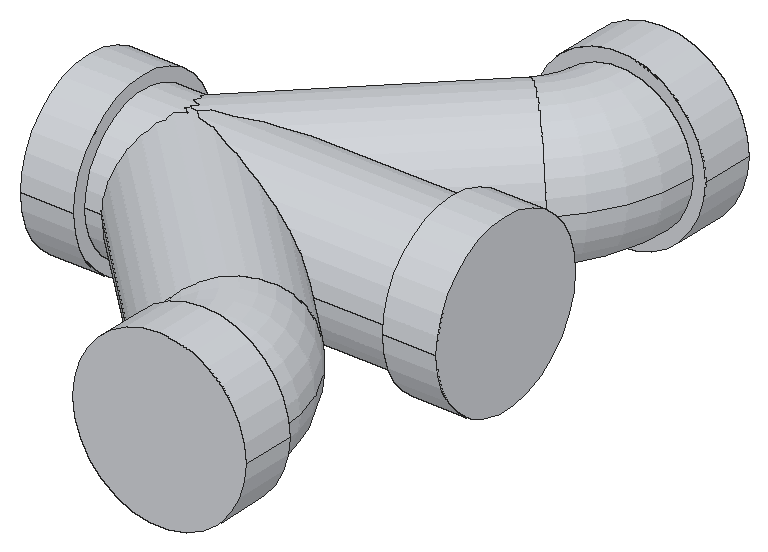
Revit family "96e35cd5d35148f680adb308ada61ad9", category Pipe Fittings, Revit 2021
Family settings
  Round Connector Dimension = Use Radius
  Part Type = Cross
  OmniClass Number = 23.60.30.11.14
  OmniClass Title = Pipework Fittings
  Seek Item ID = Wye Combination with 8th Bend Double - PVC - Sch 40 - DWV-0000-USA-ENU
  Work Plane-Based = No
  Always vertical = Yes
  Cut with Voids When Loaded = No
  Shared = No
Parameters (values of type "Standard")
  Wall Thickness 2 [instance] = size_lookup(Lookup Table Name, "WThk", 0.02 * Nominal Diameter 2 + 33/256", Nominal Diameter 2)  # 0.156"
  Wall Thickness 1 [instance] = size_lookup(Lookup Table Name, "WThk", 0.02 * Nominal Diameter 1 + 33/256", Nominal Diameter 1)  # 0.156"
  Tick Size 2 [instance] = Fitting Outside Diameter 2 * 0.4  # 0.76"
  Tick Size 1 [instance] = Fitting Outside Diameter 1 * 0.4  # 0.76"
  Socket Outside Radius 2 [instance] = Socket Outside Diameter 2 / 2  # 1.1135"
  Socket Outside Radius 1 [instance] = Socket Outside Diameter 1 / 2  # 1.1135"
  Socket Outside Diameter 2 [instance] = Socket Entrance Diameter 2 + Wall Thickness 2 * 2  # 2.227"
  Socket Outside Diameter 1 [instance] = Socket Entrance Diameter 1 + Wall Thickness 1 * 2  # 2.227"
  Socket Entrance Diameter 2 [instance] = size_lookup(Lookup Table Name, "SED", 1.04 * Nominal Diameter 2 + 95/256", Nominal Diameter 2)  # 1.915"
  Socket Entrance Diameter 1 [instance] = size_lookup(Lookup Table Name, "SED", 1.04 * Nominal Diameter 1 + 95/256", Nominal Diameter 1)  # 1.915"
  Socket Depth 2 [instance] = size_lookup(Lookup Table Name, "SDpt", 0.5 * Nominal Diameter 2, Nominal Diameter 2)  # 0.687"
  Socket Depth 1 [instance] = size_lookup(Lookup Table Name, "SDpt", 0.5 * Nominal Diameter 1, Nominal Diameter 1)  # 0.687"
  Socket Bottom to Socket Bottom Run [instance] = size_lookup(Lookup Table Name, "SBtSBR", 1 7/64" + 0.25 * Nominal Diameter 1 + 1.7 * Nominal Diameter 2, Nominal Diameter 1, Nominal Diameter 2)  # 3.953"
  Nominal Radius 2 [instance] = 3/4"
  Nominal Radius 1 [instance] = 3/4"
  Nominal Diameter 2 [instance] = Nominal Radius 2 * 2  # 1 1/2"
  Nominal Diameter 1 [instance] = Nominal Radius 1 * 2  # 1 1/2"
  Loss Method = Not Defined
  Lookup Table Name = "Wye Combination with 8th Bend Double - PVC - Sch 40 - DWV"
  Length 1 [instance] = 180"  # constant formula
  Insertion Point 2 X [instance] = Center to Socket Bottom Branch * tan(90.00° - Angle 2) + Length 1  # 180"
  Insertion Point 1 X [instance] = Center to Socket Bottom Branch * tan(90.00° - Angle 1) + Length 1  # 180"
  Fitting Outside Radius 2 [instance] = Fitting Outside Diameter 2 / 2  # 0.95"
  Fitting Outside Radius 1 [instance] = Fitting Outside Diameter 1 / 2  # 0.95"
  Fitting Outside Diameter 2 [instance] = size_lookup(Lookup Table Name, "FOD", 1.04 * Nominal Diameter 2 + 23/64", Nominal Diameter 2)  # 1.9"
  Fitting Outside Diameter 1 [instance] = size_lookup(Lookup Table Name, "FOD", 1.04 * Nominal Diameter 1 + 23/64", Nominal Diameter 1)  # 1.9"
  Default Elevation = 0' - 0"
  Center to Socket Bottom Run [instance] = size_lookup(Lookup Table Name, "CtSBR", -9/64" + 0.99 * Nominal Diameter 1 + 1.26 * Nominal Diameter 2, Nominal Diameter 1, Nominal Diameter 2)  # 3.422"
  Center to Socket Bottom Branch [instance] = size_lookup(Lookup Table Name, "CtSBB", 51/128" + 1.51 * Nominal Diameter 1 + 0.51 * Nominal Diameter 2, Nominal Diameter 1, Nominal Diameter 2)  # 3.328"
  Center Radius [instance] = Socket Outside Radius 2 + 1/8"  # 1.2385"
  Center Point 2 Y [instance] = if(Angle 2 < 90.00°, Length 1 - Center Radius * sin(abs(90.00° - Angle 2)), if(Angle 2 = 90.00°, Length 1, Length 1 + Center Radius * sin(abs(90.00° - Angle 2))))  # 180"
  Center Point 2 X [instance] = Center Radius * cos(abs(90.00° - Angle 2))  # 1.2385"
  Center Point 1 Y [instance] = if(Angle 1 < 90.00°, Length 1 - Center Radius * sin(abs(90.00° - Angle 1)), if(Angle 1 = 90.00°, Length 1, Length 1 + Center Radius * sin(abs(90.00° - Angle 1))))  # 180"
  Center Point 1 X [instance] = Center Radius * cos(abs(90.00° - Angle 1))  # 1.2385"
  Branch Socket End Point 2 Y [instance] = Socket Depth 2 * sin(Angle 2)  # 0.687"
  Branch Socket End Point 2 X [instance] = Length 1 - Socket Depth 2 * cos(Angle 2)  # 180"
  Branch Length 2 Label [instance] = if(Branch Length 2 > 0", Branch Length 2, Socket Outside Radius 1 * 0.5)  # 3.468"
  Branch Length 2 [instance] = (Center to Socket Bottom Branch - Arc End Point 2 Y) / sin(45.00°)  # 3.468"
  Branch Length 1 Label [instance] = if(Branch Length 1 > 0", Branch Length 1, Socket Outside Radius 1 * 0.5)  # 3.468"
  Branch Socket End Point 1 Y [instance] = Socket Depth 2 * sin(Angle 1)  # 0.687"
  Branch Socket End Point 1 X [instance] = Length 1 - Socket Depth 2 * cos(Angle 1)  # 180"
  Branch Length 1 [instance] = (Center to Socket Bottom Branch - Arc End Point 1 Y) / sin(45.00°)  # 3.468"
  Arc End Point 2 Y [instance] = Center Radius * sin(45.00°) - Center Radius * sin(90.00° - Angle 2)  # 0.87575"
  Arc End Point 2 X [instance] = Center Radius * cos(90.00° - Angle 2) - Center Radius * cos(45.00°)  # 0.36275"
  Arc End Point 1 Y [instance] = Center Radius * sin(45.00°) - Center Radius * sin(90.00° - Angle 1)  # 0.87575"
  Arc End Point 1 X [instance] = Center Radius * cos(90.00° - Angle 1) - Center Radius * cos(45.00°)  # 0.36275"
  Angle 2 1 [instance] = if(Angle 2 < 90.00°, 90.00° / 2 - (90.00° - Angle 2), 90.00° / 2 + (Angle 2 - 90.00°))  # 45.00°
  Angle 1 1 [instance] = if(Angle 1 < 90.00°, 90.00° / 2 - (90.00° - Angle 1), 90.00° / 2 + (Angle 1 - 90.00°))  # 45.00°
  Angle 2 [instance] = 90.00°
  Angle 1 [instance] = 90.00°
Reference planes (in)
  plane 1 "Center (Front/Back)": y = 0
  plane 2: z = 0
  plane 3 "Center (Left/Right)": x = 0
  plane 4: y = -3.328
  plane 5: x = -3.422
  plane 6: x = 0.531
  plane 7: x = -4.109
  plane 8: x = 1.218
  plane 9: x = 0
  plane 10: y = -183.328
  plane 11: x = -1.2385
  plane 12: y = -3.328
  plane 13: y = -2.45225
  plane 14: x = -0.36275
  plane 15: x = 0
  plane 16: x = 180
  plane 17: y = -4.015
  plane 18: x = 0
  plane 19: y = 0.76
  plane 20: y = -0.76
  plane 21: y = 3.328
  plane 22: y = 3.328
  plane 23: y = 183.328
  plane 24: x = -1.2385
  plane 25: y = 2.45225
  plane 26: x = -0.36275
  plane 27: y = 4.015
  plane 28: x = 0
  plane 29: x = 0
  plane 30: x = 0
Forms (in)
  Sweep 1, solid, detail levels fine
    path in 3D
      loop
        line (-3.422, 0, 0) -> (0.531, 0, 0)
    profile origin (-1.4455, 0, 0) x (0, 1, 0) y (0, 0, 1)
      loop
        circle (0, 0) r 0.95
  Sweep 2, solid, detail levels fine
    path in 3D
      loop
        arc (0, -3.328, 0) -> (-0.09428, -2.85405, 0) -> (-0.36275, -2.45225, 0) r 1.2385
        line (-0.36275, -2.45225, 0) -> (-2.815, 0, 0)
    profile origin (-1.58887, -1.22612, 0) x (-0.707107, -0.707107, 0) y (0, 0, 1)
      loop
        circle (0, 0) r 0.95
  Sweep 3, solid, detail levels fine
    path in 3D
      loop
        line (-4.109, 0, 0) -> (-3.422, 0, 0)
    profile origin (-3.7655, 0, 0) x (0, 1, 0) y (0, 0, 1)
      loop
        circle (0, 0) r 1.1135
  Sweep 4, solid, detail levels fine
    path in 3D
      loop
        line (0.531, 0, 0) -> (1.218, 0, 0)
    profile origin (0.8745, 0, 0) x (0, 1, 0) y (0, 0, 1)
      loop
        circle (0, 0) r 1.1135
  Sweep 5, solid, detail levels fine
    path in 3D
      loop
        line (0, -3.328, 0) -> (0, -4.015, 0)
    profile origin (0, -3.6715, 0) x (1, 0, 0) y (0, 0, 1)
      loop
        circle (0, 0) r 1.1135
  Sweep 6, solid, detail levels fine
    path in 3D
      loop
        arc (0, 3.328, 0) -> (-0.09428, 2.85405, 0) -> (-0.36275, 2.45225, 0) r 1.2385
        line (-0.36275, 2.45225, 0) -> (-2.815, 0, 0)
    profile origin (-1.58887, 1.22612, 0) x (0.707107, -0.707107, 0) y (0, 0, 1)
      loop
        circle (0, 0) r 0.95
  Sweep 7, solid, detail levels fine
    path in 3D
      loop
        line (0, 3.328, 0) -> (0, 4.015, 0)
    profile origin (0, 3.6715, 0) x (-1, 0, 0) y (0, 0, 1)
      loop
        circle (0, 0) r 1.1135
Cuts and joins
  joined: Sweep 1, Sweep 3, Sweep 4, Sweep 5, Sweep 7
Lines and regions (in)
  model lines, detail levels coarse+medium
    curve 1: line (-3.422, 0, 0) -> (0.531, 0, 0)
    curve 2: line (-4.109, 0, 0) -> (-3.422, 0, 0)
    curve 3: line (0.531, 0, 0) -> (1.218, 0, 0)
    curve 4: arc (0, -3.328, 0) -> (-0.09428, -2.85405, 0) -> (-0.36275, -2.45225, 0) r 1.2385
    curve 5: line (-0.36275, -2.45225, 0) -> (-2.815, 0, 0)
    curve 6: line (0, -3.328, 0) -> (0, -4.015, 0)
    curve 16: line (-4.109, 0.76, 0) -> (-4.109, -0.76, 0)
    curve 17: line (1.218, 0.76, 0) -> (1.218, -0.76, 0)
    curve 18: line (0, -4.015, 0) -> (0.76, -4.015, 0)
    curve 19: line (0, -4.015, 0) -> (-0.76, -4.015, 0)
    curve 20: arc (0, 3.328, 0) -> (-0.09428, 2.85405, 0) -> (-0.36275, 2.45225, 0) r 1.2385
    curve 21: line (-0.36275, 2.45225, 0) -> (-2.815, 0, 0)
    curve 22: line (0, 3.328, 0) -> (0, 4.015, 0)
    curve 27: line (0, 4.015, 0) -> (0.76, 4.015, 0)
    curve 28: line (0, 4.015, 0) -> (-0.76, 4.015, 0)
  sketch lines
    curve 7: line (-3.422, 0, 0) -> (0.531, 0, 0)
    curve 8: line (-0.36275, -2.45225, 0) -> (-2.815, 0, 0)
    curve 9: arc (0, -3.328, 0) -> (-0.09428, -2.85405, 0) -> (-0.36275, -2.45225, 0) r 1.2385
    curve 10: line (-4.109, 0, 0) -> (-3.422, 0, 0)
    curve 11: line (0.531, 0, 0) -> (1.218, 0, 0)
    curve 12: line (0, -3.328, 0) -> (0, -4.015, 0)
    curve 23: line (-0.36275, 2.45225, 0) -> (-2.815, 0, 0)
    curve 24: arc (0, 3.328, 0) -> (-0.09428, 2.85405, 0) -> (-0.36275, 2.45225, 0) r 1.2385
    curve 25: line (0, 3.328, 0) -> (0, 4.015, 0)
  reference lines
    curve 13: line (-4.109, 0, 0) -> (-3.422, 0, 0)
    curve 14: line (0.531, 0, 0) -> (1.218, 0, 0)
    curve 15: line (0, -4.015, 0) -> (0, -3.328, 0)
    curve 26: line (0, 4.015, 0) -> (0, 3.328, 0)
Dimensions and locks (in)
  "Center to Socket Bottom Branch": plane 1 "Center (Front/Back)" to plane 4
  "Socket Bottom to Socket Bottom Run": plane 5 to plane 6
  "Socket Depth 1": plane 7 to plane 5
  "Socket Depth 1": plane 6 to plane 8
  "Center to Socket Bottom Run": plane 5 to plane 9
  "Length 1": plane 4 to plane 10
  "Center Point 1 X": plane 11 to plane 9
  "Center Point 1 Y": plane 12 to plane 10
  "Arc End Point 1 X": plane 14 to plane 9
  "Arc End Point 1 Y": plane 13 to plane 4
  "Branch Length 1 Label": curve 5 to curve 5
  "Socket Depth 2": curve 6 to curve 6
  "Length 1": plane 9 to plane 16
  "Insertion Point 1 X": plane 15 to plane 16
  "Branch Socket End Point 1 Y": plane 4 to plane 17
  "Branch Socket End Point 1 X": plane 18 to plane 16
  "Tick Size 1": plane 1 "Center (Front/Back)" to plane 19
  "Tick Size 1": plane 1 "Center (Front/Back)" to plane 20
  "Tick Size 2": curve 18 to curve 18
  "Tick Size 2": curve 19 to curve 19
  "Center to Socket Bottom Branch": plane 1 "Center (Front/Back)" to plane 21
  "Length 1": plane 21 to plane 23
  "Center Point 2 Y": plane 22 to plane 23
  "Center Point 2 X": plane 24 to plane 9
  "Arc End Point 2 Y": plane 25 to plane 21
  "Arc End Point 2 X": plane 26 to plane 9
  "Branch Length 2 Label": curve 21 to curve 21
  "Socket Depth 2": curve 22 to curve 22
  "Branch Socket End Point 2 Y": plane 21 to plane 27
  "Branch Socket End Point 2 X": plane 28 to plane 16
  "Insertion Point 2 X": plane 29 to plane 16
  equal spacing: plane 15, plane 30, plane 29
  "Tick Size 2": curve 28 to curve 28
  "Tick Size 2": curve 27 to curve 27
  locked: plane 30 to plane 3 "Center (Left/Right)"
  "Center Radius": radius of curve 4
  "Fitting Outside Radius 1": radius of Sweep 1 sketch curve
  "Fitting Outside Radius 2": radius of Sweep 2 sketch curve
  "Socket Outside Radius 1": radius of Sweep 3 sketch curve
  "Socket Outside Radius 1": radius of Sweep 4 sketch curve
  "Socket Outside Radius 2": radius of Sweep 5 sketch curve
  "Center Radius": radius of curve 20
  "Fitting Outside Radius 2": radius of Sweep 6 sketch curve
  "Socket Outside Radius 2": radius of Sweep 7 sketch curve
  "Angle 1 1": angle curve 4 to curve 4
  locked: curve 5 to plane 1 "Center (Front/Back)" (angle 45.00°)
  "Angle 1": angle curve 6 to plane 4
  "Angle 1": angle curve 15 to plane 1 "Center (Front/Back)"
  locked: curve 18 to curve 15 (angle 90.00°)
  locked: curve 15 to curve 19 (angle 90.00°)
  "Angle 2 1": angle curve 20 to curve 20
  locked: plane 1 "Center (Front/Back)" to curve 21 (angle 45.00°)
  "Angle 2": angle plane 1 "Center (Front/Back)" to curve 22
  "Angle 2": angle plane 1 "Center (Front/Back)" to curve 26
  locked: curve 28 to curve 26 (angle 90.00°)
  locked: curve 26 to curve 27 (angle 90.00°)
  aligned and locked: plane 7 to curve 2
  aligned and locked: plane 1 "Center (Front/Back)" to curve 2
  aligned and locked: plane 5 to curve 1
  aligned and locked: plane 6 to curve 1
  aligned and locked: plane 1 "Center (Front/Back)" to curve 1
  aligned and locked: plane 8 to curve 3
  aligned and locked: plane 1 "Center (Front/Back)" to curve 3
  aligned and locked: plane 11 to curve 4
  aligned and locked: plane 8 to curve 14
  aligned and locked: plane 1 "Center (Front/Back)" to curve 14
  aligned and locked: plane 7 to curve 13
  aligned and locked: plane 1 "Center (Front/Back)" to curve 13
  aligned and locked: Sweep 5 to curve 15
  aligned and locked: plane 18 to curve 15
  aligned and locked: plane 19 to curve 16
  aligned and locked: plane 20 to curve 16
  aligned and locked: plane 19 to curve 17
  aligned and locked: plane 20 to curve 17
  aligned and locked: curve 16 to plane 7
  aligned and locked: curve 17 to plane 8
  aligned and locked: plane 22 to curve 20
  aligned and locked: plane 9 to curve 22
  aligned and locked: plane 27 to curve 26
  aligned and locked: plane 28 to curve 26
  aligned and locked: plane 12 to curve 4
Automatic sketch dimensions
  curve 13 to plane 5 = 0' - 0"
  curve 14 to plane 6 = 0' - 0"
  curve 15 to plane 17 = 0' - 0"
  Sweep 1 sketch curve to profile plane = 0' - 0"  (x2)
  Sweep 2 sketch curve to profile plane = 0' - 0"
  profile plane to Sweep 2 sketch curve = 0' - 0"
  Sweep 3 sketch curve to profile plane = 0' - 0"  (x2)
  Sweep 4 sketch curve to profile plane = 0' - 0"  (x2)
  profile plane to Sweep 5 sketch curve = 0' - 0"
  Sweep 5 sketch curve to profile plane = 0' - 0"
  Sweep 6 sketch curve to profile plane = 0' - 0"  (x2)
  Sweep 7 sketch curve to profile plane = 0' - 0"  (x2)
Connectors (in)
  piping at (-4.109, 0, 0), diameter 1.5, driven by "Nominal Radius 1"
    settings: on cut or joined group of Sweep 1, Sweep 3, Sweep 4, Sweep 5, Sweep 7, index 1, connector inside diameter 1 1/2", connector length 0' - 0", flow factor 0, pipe flow 0 GPM, pressure drop 0.00 psi, fitting loss kfactor 0, connector angle 0.00°, fixture units 0, engagement length 0' - 0", angle of deflection 0.00°, flow configuration 0, flow direction 0, fitting loss method 0, system type 28, joint type 0, gender type 0, connector reference index 2, connector utility 0, adjustable connector no, is connector primary yes, connector description ""
  piping at (1.218, 0, 0), diameter 1.5, driven by "Nominal Radius 1"
    settings: on cut or joined group of Sweep 1, Sweep 3, Sweep 4, Sweep 5, Sweep 7, index 2, connector inside diameter 1 1/2", connector length 0' - 0", flow factor 0, pipe flow 0 GPM, pressure drop 0.00 psi, fitting loss kfactor 0, connector angle 0.00°, fixture units 0, engagement length 0' - 0", angle of deflection 0.00°, flow configuration 0, flow direction 0, fitting loss method 0, system type 28, joint type 0, gender type 0, connector reference index 1, connector utility 0, adjustable connector no, is connector primary no, connector description ""
  piping at (0, -4.015, 0), diameter 1.5, driven by "Nominal Radius 2", driven by "Angle 1"
    settings: on cut or joined group of Sweep 1, Sweep 3, Sweep 4, Sweep 5, Sweep 7, index 3, connector inside diameter 1 1/2", connector length 0' - 0", flow factor 0, pipe flow 0 GPM, pressure drop 0.00 psi, fitting loss kfactor 0, connector angle 90.00°, fixture units 0, engagement length 0' - 0", angle of deflection 0.00°, flow configuration 0, flow direction 0, fitting loss method 0, system type 28, joint type 0, gender type 0, connector reference index -1, connector utility 0, adjustable connector no, is connector primary no, connector description ""
  piping at (0, 4.015, 0), diameter 1.5, driven by "Nominal Radius 2", driven by "Angle 2"
    settings: on cut or joined group of Sweep 1, Sweep 3, Sweep 4, Sweep 5, Sweep 7, index 4, connector inside diameter 1 1/2", connector length 0' - 0", flow factor 0, pipe flow 0 GPM, pressure drop 0.00 psi, fitting loss kfactor 0, connector angle 90.00°, fixture units 0, engagement length 0' - 0", angle of deflection 0.00°, flow configuration 0, flow direction 0, fitting loss method 0, system type 28, joint type 0, gender type 0, connector reference index -1, connector utility 0, adjustable connector no, is connector primary no, connector description ""
